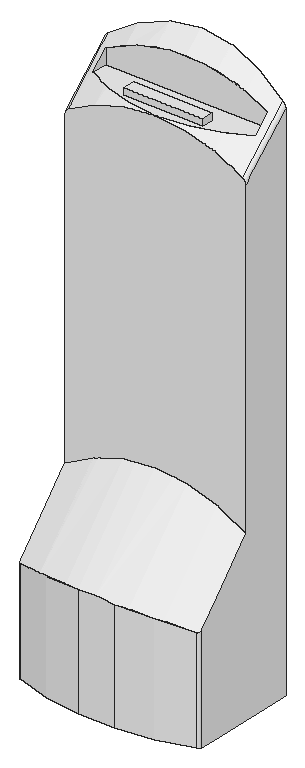
Revit family "Wall-Spout_Contemporary_Soiree_TS960E_TOTO", category Plumbing Fixtures, host Face, Revit 2013
Parameters (values of type "TS960E")
  ecoScorecard_data = " "
  ecoScorecard Product Page = "  "
  Width = 2 5/32"
  Water Connection Radius = 1/4"  # constant formula
  Waste Connection Radius = 0"
  Waste Connection = no
  Warranty URL = "http://www.totousa.com/warranty-registration"
  Warranty = "Lifetime Limited Warranty (Residential Use); One Year Limited (Commercial Use)"  # constant formula
  WFU = 0
  Voltage = 0 V
  Vent Connection = no
  URL = "http://www.totousa.com"
  Toto BIM Number = "BM-00174"  # constant formula
  Tempered Water Connection Radius = 1/4"
  Subcategory = "Showers"  # constant formula
  Style = "Contemporary"  # constant formula
  Spec Sheet URL = "http://assets.totousa.com/product-files/SS-00021_TS960E.pdf"
  Sink Holes Applications = ""
  Shipping Weight = 3.00 lbf
  Series = "Soiree"  # constant formula
  Product Page URL = " "
  Product Line = ""
  Owners Manual URL = "  "
  Number of Poles = 1
  Model = "TS960E"
  Manufacturer Toll Free Phone = "1-888-295-8134"  # constant formula
  Manufacturer Phone = "(770) 282-8686"  # constant formula
  Manufacturer Fax = "(770) 282-0002"  # constant formula
  Manufacturer Email = "mailto:custservice@totousa.com "
  Manufacturer Address = "1155 Southern Road, Morrow, Georgia 30260"  # constant formula
  Manufacturer = "TOTO USA, Inc."  # constant formula
  Installation URL = " "
  Hot Water Connection NPT Radius = 0"
  Height = 1 9/16"
  HWFU = 0
  HW Connection = yes
  Frequency = 0 Hz
  Flow Rate = 0 GPM
  Flow Pressure = 0.00 psi
  Finish = Metal - TOTO - Chrome - Polished
  Description = "Wall Spout"  # constant formula
  Depth = 6 23/32"
  Default Elevation = 31"
  Current = 0 A
  Cost Info = "mailto:custservice@totousa.com "
  Color Availability = "#CP Polished Chrome, #BN Brushed Nickel, #PN Polished Nickel"  # constant formula
  CWFU = 0
  CW Connection = yes
  CAD Drawing URL = "http://assets.totousa.com/product-files/AD-00076_TS960E.dxf"
  Assembly Code = "D2010"
  Apparent Power = 0 VA
  ADA Compliant = no
  95 CSI = "15416"
  04 CSI [instance] = "22 41 39"
Reference planes (in)
  plane 1 "Center (Front/Back)": y = 0
  plane 2: z = 0
  plane 3 "Center (Left/Right)": x = 0
  plane 4: z = 6.71875
  plane 5: y = 0.68661
  plane 6: y = -0.87589
  plane 7: x = 1.07813
  plane 8: x = -1.07812
  plane 9: x = -0.9689
  plane 10: x = 0.9689
  plane 11: y = 0.46654
  plane 12: z = -0.125
  plane 13: z = 6.08417
  plane 14: z = 6.16291
Dimensions and locks (in)
  locked: plane 1 "Center (Front/Back)" to plane 5 at 0.68661
  "Height": plane 6 to plane 5
  "Depth": plane 4 to plane 2
  equal spacing: plane 8, plane 3 "Center (Left/Right)", plane 7
  "Width": plane 8 to plane 7
  locked: plane 9 to plane 3 "Center (Left/Right)" at 0.9689
  locked: plane 3 "Center (Left/Right)" to plane 10 at 0.9689
  locked: plane 1 "Center (Front/Back)" to plane 11 at 0.46654
  locked: plane 2 to plane 12 at 0.125
  locked: plane 13 to plane 2 at 6.08417
  locked: plane 14 to plane 13 at 0.07874
  aligned and locked: plane 2 to host face
  aligned and locked: level to host face
  aligned and locked: plane 2 to nested 1
Automatic sketch dimensions
  host sketch curve to host sketch curve = 37.51775"
  host sketch curve to host sketch curve = 26.96811"
Nested families (in)
  nested 1: "TS960E" at (0, 0, 0), type "TS960E"
    with 04 CSI ""
Connectors (in)
  piping at (0, 0, -0.125), driven by "Flow Rate", driven by "Flow Pressure", driven by "CWFU", driven by "Water Connection Radius"
    settings: on nested 1, index 2, connector radius 1/4", flow factor 0, pipe flow 0 GPM, pressure drop 0.00 psi, fitting loss kfactor 0, connector angle 0.00°, fixture units 0, engagement length 0", flow configuration 3, flow direction 1, fitting loss method 4, system type 20, joint type 0, gender type 0, connector reference index -1, connector utility 0, adjustable connector no, is connector primary yes, fitting loss table "", connector description "Tempered Water Inlet Connection"
Definition of nested family "TS960E"
  Parameters (values of type "TS960E")
    ecoScorecard_data = ""
    ecoScorecard Product Page = ""
    Width = 2 5/32"
    Water Connection Radius = 1/4"  # constant formula
    Waste Connection Radius = 0"
    Waste Connection = no
    Warranty URL = "http://www.totousa.com/Support/WarrantyInformation.aspx"
    Warranty = "Lifetime Limited Warranty (Residential Use); One Year Limited (Commercial Use)"  # constant formula
    WFU = 0
    Voltage = 0 V
    Vent Connection = no
    URL = "http://www.totousa.com"
    Toto BIM Number = "BM-00174"  # constant formula
    Tempered Water Connection Radius = 1/4"
    Subcategory = "Accessories"  # constant formula
    Style = "Contemporary"  # constant formula
    Spec Sheet URL = "http://www.totousa.com/Portals/0/ProductDownloads/SS-00021_TS960E.pdf"
    Sink Holes Applications = ""
    Shipping Weight = 3.00 lbf
    Series = "Soiree"  # constant formula
    Sensor Detection Time = ""
    Sensor Detection Range = ""
    Sensor Activation Time = ""
    Product Page URL = "http://www.totousa.com/ProductDetail.aspx?ProductID=274"
    Product Line = ""
    Owners Manual URL = "http://www.totousa.com/Portals/0/ProductDownloads/0GU4062_SOIREE_WALL_SPOUT_PRINT_IM_OM.pdf"
    Number of Poles = 1
    Mount Type = ""
    Model = "TS960E"
    Method of Operation = ""
    Manufacturer Toll Free Phone = "1-888-295-8134"  # constant formula
    Manufacturer Phone = "(770) 282-8686"  # constant formula
    Manufacturer Fax = "(770) 282-0002"  # constant formula
    Manufacturer Email = "mailto:custservice@totousa.com "
    Manufacturer Address = "1155 Southern Road, Morrow, Georgia 30260"  # constant formula
    Manufacturer = "TOTO USA, Inc."  # constant formula
    Installation URL = ""
    Industry Standards = ""
    Hot Water Connection NPT Radius = 0"
    Height = 1 9/16"
    HWFU = 0
    HW Connection = yes
    Frequency = 0 Hz
    Flow Rate = 0 GPM
    Flow Pressure = 0.00 psi
    Finish = Metal - TOTO - Chrome - Polished
    Description = "Wall Spout"  # constant formula
    Depth = 6 23/32"
    Default Elevation = 31"
    Current = 0 A
    Cost Info = "mailto:custservice@totousa.com "
    Color Availability = "#CP Polished Chrome, #BN Brushed Nickel, #PN Polished Nickel"  # constant formula
    CWFU = 0
    CW Connection = yes
    CAD Drawing URL = "http://www.totousa.com/Portals/0/ProductDownloads/AD-00076_TS960E.dxf"
    Assembly Code = "D2010900"
    Apparent Power = 0 VA
    Ambient Temperature = ""
    ADA Compliant = no
    95 CSI = ""
    04 CSI [instance] = ""
  Reference planes (in)
    plane 1 "Center (Front/Back)": y = 0
    plane 2: z = 0
    plane 3 "Center (Left/Right)": x = 0
    plane 4: z = 6.71875
    plane 5: y = 0.68661
    plane 6: y = -0.87589
    plane 7: x = 1.07813
    plane 8: x = -1.07812
    plane 9: x = -0.9689
    plane 10: x = 0.9689
    plane 11: y = 0.46654
    plane 12: z = -0.125
    plane 13: z = 6.08417
    plane 14: z = 6.16291
  Forms (in)
    Extrusion 1, solid
      sketch origin (0, 0, 0) x (1, 0, 0) y (0, 1, 0)
        loop
          line (-18.60591, 13.38583) -> (-18.60591, -13.58229) -> (18.91184, -13.58229) -> (18.91184, 13.38583) -> (-18.60591, 13.38583)
      from 0 to -1.08381
    Blend 2, solid, material "Metal - TOTO - Chrome - Polished" <- "Finish"
      base sketch origin (0, 0.68661, 1.5748) x (0, 0, -1) y (1, 0, 0)
        loop
          line (1.5748, -1.07812) -> (1.5748, 1.07813) -> (-4.7787, 1.07813)
          arc (-4.7787, 1.07813) -> (-4.81688, 1.06825) -> (-4.84548, 1.0411) r 0.07874
          arc (-4.84548, 1.0411) -> (-5.14395, 0) -> (-4.84548, -1.0411) r 1.96502
          arc (-4.84548, -1.0411) -> (-4.81688, -1.06825) -> (-4.7787, -1.07812) r 0.07874
          line (-4.7787, -1.07812) -> (1.5748, -1.07812)
      top sketch origin (0, 0.68661, 1.5748) x (0, 0, -1) y (1, 0, 0)
        loop
          line (1.5748, -1.07812) -> (1.5748, 1.07813) -> (-4.14412, 1.07813)
          arc (-4.14412, 1.07813) -> (-4.1823, 1.06825) -> (-4.2109, 1.0411) r 0.07874
          arc (-4.2109, 1.0411) -> (-4.50936, 0) -> (-4.2109, -1.0411) r 1.96502
          arc (-4.2109, -1.0411) -> (-4.1823, -1.06825) -> (-4.14412, -1.07812) r 0.07874
          line (-4.14412, -1.07812) -> (1.5748, -1.07812)
      from 0 to 0.68661
    Blend 3, solid, material "Metal - TOTO - Chrome - Polished" <- "Finish"
      base sketch origin (0, 0.68661, 1.5748) x (0, 0, -1) y (1, 0, 0)
        loop
          line (-0.41772, -1.07812) -> (1.5748, -1.07812) -> (1.5748, 1.07813) -> (-0.41772, 1.07813)
          arc (-0.41772, 1.07813) -> (-0.74, 0) -> (-0.41772, -1.07812) r 1.96446
      top sketch origin (0, 0.68661, 1.5748) x (0, 0, -1) y (1, 0, 0)
        loop
          arc (0.56339, 1.07813) -> (0.24111, 0) -> (0.56339, -1.07812) r 1.96446
          line (0.56339, -1.07812) -> (1.5748, -1.07812) -> (1.5748, 1.07813) -> (0.56339, 1.07813)
      from 0.68661 to 1.5625
    Extrusion 4, void
      sketch origin (0, 0, 0) x (1, 0, 0) y (0, 1, 0)
        loop
          arc (-1.07913, 0.58819) -> (0, 0.68661) -> (1.07913, 0.58819) r 5.96502
          line (1.07913, 0.58819) -> (1.15962, 0.58819) -> (1.15962, 0.82305) -> (-1.20258, 0.82305) -> (-1.20258, 0.58819) -> (-1.07913, 0.58819)
      from 0 to 6.71875
    Extrusion 5, solid, material "Metal - TOTO - Chrome - Polished" <- "Finish", detail levels fine
      sketch origin (0, 0, 0) x (1, 0, 0) y (0, 1, 0)
        loop
          circle (0, 0) r 0.25
      from 0 to -0.125
    Extrusion 6, void
      sketch origin (0, 0, 0) x (1, 0, 0) y (0, 1, 0)
        loop
          line (-1.24629, -1.09244) -> (1.24629, -1.09244) -> (1.24629, -0.4369) -> (1.07813, -0.4369) -> (1.07813, -0.6605)
          arc (1.07813, -0.6605) -> (1.07102, -0.68306) -> (1.05227, -0.69748) r 0.03937
          arc (1.05227, -0.69748) -> (0, -0.8837) -> (-1.05227, -0.69748) r 3.06614
          arc (-1.05227, -0.69748) -> (-1.07102, -0.68306) -> (-1.07812, -0.6605) r 0.03937
          line (-1.07812, -0.6605) -> (-1.07812, -0.4369) -> (-1.24629, -0.4369) -> (-1.24629, -1.09244)
      from 0 to 6.71875
    Extrusion 7, void
      sketch origin (0, 0, 0) x (0, -1, 0) y (0, 0, 1)
        loop
          line (-0.46654, 6.08417) -> (0, 6.08417) -> (0, 6.71875) -> (-0.46654, 6.71875) -> (-0.46654, 6.08417)
      from -0.9689 to 0.9689
    Extrusion 8, solid, material "Metal - TOTO - Chrome - Polished" <- "Finish", detail levels fine
      sketch origin (2.3622, -180, 6.08417) x (-1, 0, 0) y (0, -1, 0)
        loop
          line (1.89134, -180.11772) -> (1.89134, -180.25512) -> (2.83307, -180.25512) -> (2.83307, -180.11772) -> (1.89134, -180.11772)
      from 0 to 0.07874
  Cuts and joins
    Extrusion 4, Extrusion 6, Extrusion 7 cuts Blend 2
    Extrusion 4, Extrusion 6, Extrusion 7 cuts Blend 3
    joined: Blend 2, Blend 3
  Lines and regions (in)
    Masking region 1
      outline origin (0, -0.87589, 1.5748) x (0, 0, -1) y (1, 0, 0)
        loop
          line (1.5748, 1.07813) -> (-5.14395, 1.07813) -> (-5.14395, -1.07812) -> (1.5748, -1.07812) -> (1.5748, 1.07813)
  Dimensions and locks (in)
    locked: plane 1 "Center (Front/Back)" to plane 5 at 0.68661
    "Height": plane 6 to plane 5
    "Depth": plane 4 to plane 2
    equal spacing: plane 8, plane 3 "Center (Left/Right)", plane 7
    "Width": plane 8 to plane 7
    locked: plane 4 to Blend 2 sketch curve at 1.96502
    locked: plane 3 "Center (Left/Right)" to Blend 2 sketch curve at 0  (x2)
    locked: plane 5 to Extrusion 4 sketch curve at 0.13644
    locked: Extrusion 4 sketch curve to plane 5 at 0.09843  (x2)
    Extrusion 4 sketch curve to plane 3 "Center (Left/Right)" to Extrusion 4 sketch curve = 1.20258" locked, 1.15962" locked
    locked: plane 3 "Center (Left/Right)" to Extrusion 4 sketch curve at 0
    locked: Extrusion 4 sketch curve to plane 1 "Center (Front/Back)" at 5.27841
    locked: plane 9 to plane 3 "Center (Left/Right)" at 0.9689
    locked: plane 3 "Center (Left/Right)" to plane 10 at 0.9689
    locked: plane 1 "Center (Front/Back)" to plane 11 at 0.46654
    locked: plane 1 "Center (Front/Back)" to Extrusion 5 sketch curve
    locked: plane 3 "Center (Left/Right)" to Extrusion 5 sketch curve at 0
    locked: plane 2 to plane 12 at 0.125
    Extrusion 6 sketch curve to plane 3 "Center (Left/Right)" to Extrusion 6 sketch curve = 1.24629" locked, 1.24629" locked
    locked: plane 3 "Center (Left/Right)" to Extrusion 6 sketch curve at 0
    locked: plane 1 "Center (Front/Back)" to Extrusion 6 sketch curve at 2.18244
    locked: Extrusion 6 sketch curve to plane 1 "Center (Front/Back)" at 1.09244
    locked: plane 6 to Extrusion 6 sketch curve at 0.43898  (x2)
    Blend 2 sketch curve to plane 2 = 6.08417"
    locked: plane 13 to plane 2 at 6.08417
    equal spacing: Extrusion 8 sketch curve, plane 3 "Center (Left/Right)", Extrusion 8 sketch curve
    locked: Extrusion 8 sketch curve to Extrusion 8 sketch curve at 0.94173
    plane 1 "Center (Front/Back)" to Extrusion 8 sketch curve to Extrusion 8 sketch curve = 0.11772" locked, 0.1374" locked
    locked: plane 14 to plane 13 at 0.07874
    radius of Extrusion 4 sketch curve = 5.96502"
    "Tempered Water Connection Radius": radius of Extrusion 5 sketch curve
    radius of Extrusion 6 sketch curve = 3.06614"
    radius of Extrusion 6 sketch curve = 0.03937"  (x2)
    aligned and locked: plane 2 to Extrusion 1
    aligned and locked: level to Extrusion 1
    aligned and locked: Blend 2 sketch curve to plane 7  (x2)
    aligned and locked: plane 8 to Blend 2 sketch curve  (x2)
    aligned and locked: Blend 2 sketch curve to plane 2  (x2)
    aligned and locked: Blend 3 sketch curve to plane 7  (x2)
    aligned and locked: Blend 3 sketch curve to plane 8
    aligned and locked: Blend 3 sketch curve to plane 2
    aligned and locked: plane 8 to Blend 3 sketch curve
    aligned and locked: plane 2 to Blend 3 sketch curve
    aligned and locked: Blend 3 to plane 1 "Center (Front/Back)"
    aligned and locked: plane 6 to Blend 3
    aligned and locked: plane 4 to cut or joined group of Blend 2, Blend 3, Extrusion 4, Extrusion 6, Extrusion 7  (x2)
    aligned and locked: cut or joined group of Blend 2, Blend 3, Extrusion 4, Extrusion 6, Extrusion 7 to plane 2  (x2)
    aligned: cut or joined group of Blend 2, Blend 3, Extrusion 4, Extrusion 6, Extrusion 7 to plane 2
    aligned: plane 4 to cut or joined group of Blend 2, Blend 3, Extrusion 4, Extrusion 6, Extrusion 7
    aligned and locked: plane 1 "Center (Front/Back)" to cut or joined group of Blend 2, Blend 3, Extrusion 4, Extrusion 6, Extrusion 7
    aligned and locked: cut or joined group of Blend 2, Blend 3, Extrusion 4, Extrusion 6, Extrusion 7 to plane 5
    aligned: plane 1 "Center (Front/Back)" to cut or joined group of Blend 2, Blend 3, Extrusion 4, Extrusion 6, Extrusion 7  (x2)
    aligned: cut or joined group of Blend 2, Blend 3, Extrusion 4, Extrusion 6, Extrusion 7 to plane 11
    aligned and locked: Masking region 1 sketch curve to plane 2
    aligned and locked: Masking region 1 sketch curve to plane 8
    aligned and locked: plane 7 to Masking region 1 sketch curve
    aligned and locked: plane 2 to Extrusion 5
    aligned and locked: Extrusion 5 to plane 12
    aligned and locked: Masking region 1 sketch curve to plane 4
    aligned and locked: plane 7 to Extrusion 6 sketch curve
    aligned and locked: Extrusion 6 sketch curve to plane 8
    aligned and locked: plane 4 to Extrusion 7 sketch curve
    aligned and locked: Extrusion 7 sketch curve to plane 11
    aligned and locked: plane 13 to Extrusion 7 sketch curve
    aligned and locked: Extrusion 7 sketch curve to plane 1 "Center (Front/Back)"
    aligned and locked: cut or joined group of Blend 2, Blend 3, Extrusion 4, Extrusion 6, Extrusion 7 to plane 9
    aligned and locked: cut or joined group of Blend 2, Blend 3, Extrusion 4, Extrusion 6, Extrusion 7 to plane 10
    aligned and locked: Extrusion 8 to plane 13
    aligned and locked: plane 14 to Extrusion 8
  Automatic sketch dimensions
    Extrusion 1 sketch curve to Extrusion 1 sketch curve = 37.51775"
    Extrusion 1 sketch curve to Extrusion 1 sketch curve = 26.96811"
    Blend 3 sketch curve to plane 3 "Center (Left/Right)" = 0"  (x2)
    level to Blend 3 sketch curve = 0.35034"
    Blend 3 sketch curve to Blend 3 sketch curve = 1.64218"
    level to Blend 3 sketch curve = 1.01142"
    Blend 3 sketch curve to level = 0.63077"
    Extrusion 6 sketch curve to Extrusion 6 sketch curve = 0"  (x2)
    plane 7 to Blend 2 sketch curve = 0.03702"  (x2)
    Blend 2 sketch curve to Blend 2 sketch curve = 0.06678"  (x2)
    Blend 2 sketch curve to Blend 2 sketch curve = 0"  (x4)
    plane 8 to Blend 2 sketch curve = 0.03702"  (x2)
